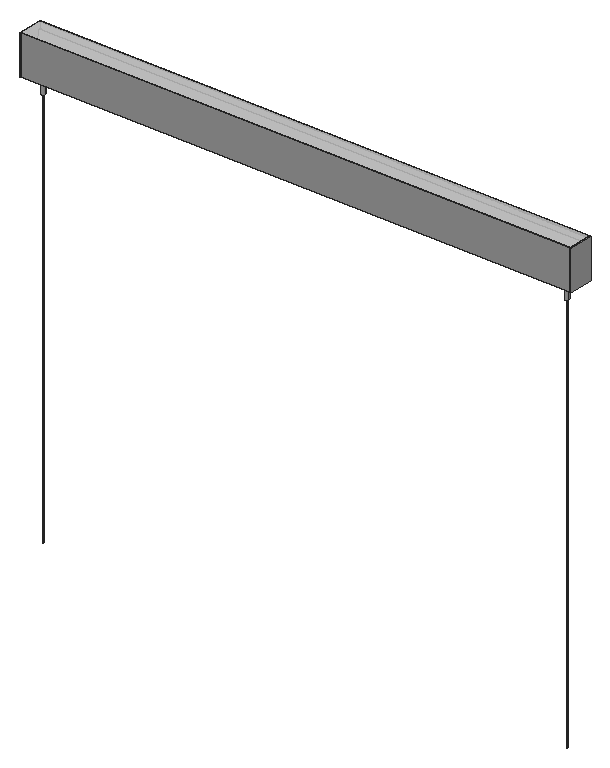
Revit family "2093102 Sylvania Lighting Fixture MC2-KIT D I 1-2M 4K DALIEM WHT PRIS", category Lighting Fixtures, host Face, Revit 2016
Family settings
  Host = Face
  Part Type = Normal
  Round Connector Dimension = Use Diameter
  OmniClass Number = 23.80.70.11.17
  OmniClass Title = Specialized Lighting by Location or Use
  Cut with Voids When Loaded = No
  Light Source = Yes
  Shared = No
  Room Calculation Point = No
Parameters (values of type "2093102 MC2-KIT D/I 1.2M 4K DALIEM WHT PRIS Emergency mode")
  Width_SYL = 54.0 mm
  Weight = "3.8 kg"
  Wattage = 35 W
  WarrantyStartDate [instance] = "n/a"
  WarrantyGuarantorParts = "n/a"
  WarrantyDurationUnit = "n/a"
  WarrantyDurationParts = "n/a"
  WarrantyDescription = "n/a"
  built-in parameter 1150110 = 1 (stored number, unit not read)
  Voltage = 0 V
  URL = "http://www.sylvania-lighting.com"
  TypeName = "MC2-KIT D/I 1.2M 4K DALIEM WHT PRIS Emergency mode"
  built-in parameter 1114217 = 1 (stored number, unit not read)
  Tilt Angle = -90.00°
  built-in parameter 1150109 = 1 (stored number, unit not read)
  built-in parameter 1150134 = 12
  built-in parameter 1150113 = 1 (stored number, unit not read)
  SerialNumber [instance] = "n/a"
  PowerFactor = 0.95
  PowerConsumption = "35 W"
  NominalWidth = 0.0 mm
  NominalLength = 1200.0 mm
  NominalHeight = 86.0 mm
  Name = "MC2-KIT D/I 1.2M 4K DALIEM WHT PRIS Emergency mode"
  ModelReference = "MC2-KIT D/I 1.2M 4K DALIEM WHT PRIS"
  ModelNumber = "2093102"
  Material_3_SYL = Metal_Sylvania_Mini Contiuum II_Silver
  Photometric Web File = "2093102EM.ies"
  Material_4_SYL = Metal_Sylvania_Mini Contiuum II_Silver
  MountingHeight_SYL [instance] = 1000.0 mm
  Material = "aluminium housing, polycarbonate diffuser"
  ManufacturerName = "Feilo Sylvania"
  LuminousEfficacy = "3.457 lm/W"
  LuminaireType = ""
  LightOutputRatio = "100"
  Length_SYL = 1200.0 mm
  LampsType = Lamp  # "LED"
  LampNominalLuminous = "121 lm"
  LampMacAdamStep = "3"
  LampColourTemperature = "4000 K"
  LampColourRenderingIndex = "80"
  Keynote = "16500"
  InstallationDate [instance] = "n/a"
  InputVoltage = "n/a"
  InputNominalFrequency = "n/a"
  IngressProtection = "IP20"
  ImpactProtectionIndex = "n/a"
  IfcExportType = "IfcLightFixtureType"
  IfcExportAs = "IfcLightFixtureType"
  Height_SYL = 86.0 mm
  ExpectedLife = 50000
  EndCapRight_SYL = yes
  EndCapLeft_SYL = yes
  Emit from Rectangle Width = Width_SYL - 2.0 mm  # 52.0 mm
  Emit from Rectangle Length = Length_SYL  # 1200.0 mm
  Emit Shape Visible in Rendering = no
  ElectricShockClassification = "Class I"
  DurationUnit = "hours"
  DocumentationLiterature = "http://www.sylvania-lighting.com/product/en-int/products/2093102"
  DimmingControlOptions = "n/a"
  CreatedOn = "10/15/2018"
  CreatedBy = "@sylvania-lighting.com"
  built-in parameter 1114216 [instance] = 1 (stored number, unit not read)
  Model = "MC2-KIT D/I 1.2M 4K DALIEM WHT PRIS"
  Manufacturer = "Feilo Sylvania"
  built-in parameter 1150105 = 9.6289 (stored number, unit not read)
  Lumens = 121 lm
  built-in parameter 1150115 = 1 (stored number, unit not read)
  built-in parameter 1150137 = (empty or 0)
  built-in parameter 1150139 = (empty or 0)
  built-in parameter 1150112 = 1 (stored number, unit not read)
  built-in parameter 1150114 = 1 (stored number, unit not read)
  Lamp = "LED"
  built-in parameter 1150132 = 2
  built-in parameter 1150102 = (empty or 0)
  built-in parameter 1150107 = 4000 (stored number, unit not read)
  built-in parameter 1150138 = (empty or 0)
  built-in parameter 1150106 = 0.096289 (stored number, unit not read)
  Material_1_SYL = Metal_Sylvania_Mini Continuum II_White
  built-in parameter 1150104 = 0.32118 (stored number, unit not read)
  Dimming Lamp Color Temperature Shift = <None>
  Material_2_SYL = Polycarbonate_Sylvania_Mini Continuum II_Opal_4000K
  Description = "2093102   MC2-KIT D/I 1.2M 4K DALIEM WHT PRIS  Continuous lines of LED light, white RAL 9016, direct/indirect distribution (65/35), suspended kit version is pre-wired and supplied complete with end caps and suspension cables, compact and minimalist design based on the Golden Mean, ideal for offices, meeting rooms, corridors, education facilities, museums and libraries, extruded aluminium body, diffuser: micro prismatic, colour temperature: 4000K neutral white, total system power: 35W, total fixture output: 3696lm, luminaire efficacy: 106lm/W, LOR: 100%, colour rendering: Ra >80, LED Chromacity: 1 step MacAdam ellipse, lifetime: 60,000 hours at 90% of the original output (L90), energy class: A++, A+, A, IR/UV free light source without heat radiation, operating voltage: 220-240V / 50-60Hz, drive current: (Direct) 800mA + (Indirect) 350mA, electronic driver, DALI dimmable, direct/indirect independently addressable, integral emergency: 3 hour maintained, electrical protection: CLASS I, IP20, suitable for internal environment only."
  Default Elevation = 0.0 mm
  Color Filter = 16777215
  built-in parameter 1140040 [instance] = 1
  BarCode [instance] = "n/a"
  built-in parameter 1114218 = 1 (stored number, unit not read)
  built-in parameter 1150133 = 10 (stored number, unit not read)
  AssetType = "Fixed"
  AssetIdentifier [instance] = "n/a"
  Assembly Code = "D5020200"
  Apparent Load = 35 VA
Types (2, lengths in mm): name | TypeName | Name | Photometric Web File | LuminousEfficacy | LampNominalLuminous | built-in parameter 1150105 | Lumens | built-in parameter 1150106 | built-in parameter 1150104
  2093102 MC2-KIT D/I 1.2M 4K DALIEM WHT PRIS Emergency mode | "MC2-KIT D/I 1.2M 4K DALIEM WHT PRIS Emergency mode" | "MC2-KIT D/I 1.2M 4K DALIEM WHT PRIS Emergency mode" | "2093102EM.ies" | "3.457 lm/W" | "121 lm" | 9.6289 (stored number, unit not read) | 121 lm | 0.096289 (stored number, unit not read) | 0.32118 (stored number, unit not read)
  2093102 MC2-KIT D/I 1.2M 4K DALIEM WHT PRIS | "MC2-KIT D/I 1.2M 4K DALIEM WHT PRIS" | "MC2-KIT D/I 1.2M 4K DALIEM WHT PRIS" | "2093102.ies" | "111 lm/W" | "3888 lm" | 309.16 (stored number, unit not read) | 3885 lm | 3.0916 (stored number, unit not read) | 10.312 (stored number, unit not read)
Reference planes
  plane 1 "Center (Front/Back)": y = 0
  plane 2 "Bottom Fixtures": z = 0
  plane 3 "Center (Left/Right)": x = 0
  plane 4 "Fixture Left": x = -600
  plane 5 "Fixture Right": x = 600
  plane 6 "Fixture Bottom": z = 1000
  plane 7: z = 998
  plane 8: z = 996
  plane 9: z = 986.951
  plane 10: z = 956.951
  plane 11 "Fixture Top": z = 914
  plane 12 "Mounting Right": x = 572
  plane 13 "Mounting Left": x = -572
  plane 14: z = 879
  plane 15: y = 27
  plane 16: y = -27
  plane 17: y = -26
  plane 18: y = -25
  plane 19: y = 26
  plane 20: y = 25
  plane 21: y = 11
  plane 22: y = -11
  plane 23: y = 24
  plane 24: y = 22
  plane 25: y = -22
  plane 26: y = 15
  plane 27: y = -15
  plane 28 "Upper Diffuser Left": x = -450
  plane 29 "Upper Diffuser Right": x = 450
  plane 30: x = -602
  plane 31: x = 602
Forms (mm)
  Extrusion 1, solid, material "Metal_Sylvania_Mini Continuum II_White" <- "Material_1_SYL", detail levels fine
    sketch origin (0, 0, 520) x (0, 1, 0) y (0, 0, 1)
      loop
        line (27, 480) -> (26, 480) -> (26, 478) -> (25, 478) -> (25, 396) -> (13, 396) -> (13, 398) -> (-13, 398) -> (-13, 396) -> (-25, 396) -> (-25, 478) -> (-26, 478) -> (-26, 480) -> (-27, 480) -> (-27, 394) -> (-11, 394) -> (-11, 396) -> (11, 396) -> (11, 394) -> (27, 394) -> (27, 480)
    from -600 to 600
  Extrusion 2, solid, material "Polycarbonate_Sylvania_Mini Continuum II_Opal_4000K" <- "Material_2_SYL", detail levels fine
    sketch origin (0, 0, 520) x (0, 1, 0) y (0, 0, 1)
      loop
        line (-26, 480) -> (-26, 478) -> (26, 478) -> (26, 480) -> (-26, 480)
    from -600 to 600
  Extrusion 3, solid, material "Metal_Sylvania_Mini Contiuum II_Silver" <- "Material_3_SYL", detail levels fine
    sketch origin (0, 0, 520) x (0, 1, 0) y (0, 0, 1)
      loop
        line (22, 466.951) -> (20.973, 466.951) -> (14.206, 437.951) -> (11, 437.951) -> (11, 436.951) -> (15, 436.951) -> (22, 466.951)
      loop
        line (-15, 436.951) -> (-11, 436.951) -> (-11, 437.951) -> (-14.206, 437.951) -> (-20.973, 466.951) -> (-22, 466.951) -> (-15, 436.951)
    from -600 to 600
  Extrusion 4, solid, material "Metal_Sylvania_Mini Continuum II_White" <- "Material_1_SYL", detail levels coarse+medium
    sketch origin (0, 0, 520) x (0, 1, 0) y (0, 0, 1)
      loop
        line (-27, 480) -> (-27, 394) -> (27, 394) -> (27, 480) -> (-27, 480)
    from -600 to 600
  Extrusion 5, solid, material "Metal_Sylvania_Mini Contiuum II_Silver" <- "Material_4_SYL", detail levels fine
    sketch origin (0, 0, -86) x (-1, 0, 0) y (0, -1, 0)
      loop
        circle (572, 0) r 4
      loop
        circle (-572, 0) r 4
    from 965 to 1002
  Extrusion 6, solid, material "Metal_Sylvania_Mini Contiuum II_Silver" <- "Material_4_SYL", detail levels fine
    sketch origin (0, 0, -86) x (-1, 0, 0) y (0, -1, 0)
      loop
        circle (-572, 0) r 1
      loop
        circle (572, 0) r 1
    from 86 to 965
  Extrusion 7, solid, material "Polycarbonate_Sylvania_Mini Continuum II_Opal_4000K" <- "Material_2_SYL", detail levels fine
    sketch origin (0, 0, 0) x (0, 1, 0) y (0, 0, 1)
      loop
        arc (11, 916) -> (5.59, 914.504) -> (0, 914) r 31.25
        arc (0, 914) -> (-5.59, 914.504) -> (-11, 916) r 31.25
        line (-11, 916) -> (-11, 914.934)
        arc (-11, 914.934) -> (-5.584, 913.487) -> (0, 913) r 32.25
        arc (0, 913) -> (5.584, 913.487) -> (11, 914.934) r 32.25
        line (11, 914.934) -> (11, 916)
    from -450 to 450
  Extrusion 8, void
    sketch origin (0, 0, 0) x (0, 1, 0) y (0, 0, 1)
      loop
        line (11, 918) -> (-11, 918) -> (-11, 916) -> (11, 916) -> (11, 918)
    from -450 to 450
  Extrusion 9, solid, material "Metal_Sylvania_Mini Continuum II_White" <- "Material_1_SYL", visible <- "EndCapLeft_SYL"
    sketch origin (-600, 171.684, 1219.2) x (0, 1, 0) y (0, 0, 1)
      loop
        line (-198.684, -305.2) -> (-144.684, -305.2) -> (-144.684, -219.2) -> (-198.684, -219.2) -> (-198.684, -305.2)
    from 0 to -2
  Extrusion 10, solid, material "Metal_Sylvania_Mini Continuum II_White" <- "Material_1_SYL", visible <- "EndCapRight_SYL"
    sketch origin (600, 171.684, 1219.2) x (0, 1, 0) y (0, 0, -1)
      loop
        line (-144.684, 219.2) -> (-144.684, 305.2) -> (-198.684, 305.2) -> (-198.684, 219.2) -> (-144.684, 219.2)
    from 0 to -2
Cuts and joins
  Extrusion 8 cuts Extrusion 1
Lines and regions (mm)
  Masking region 1
    outline origin (0, 0, -86) x (-1, 0, 0) y (0, -1, 0)
      loop
        line (600, -27) -> (600, 27) -> (-600, 27) -> (-600, -27) -> (600, -27)
  symbolic lines, detail levels fine
    curve 1: line (-600, 26, -86) -> (600, 26, -86)
    curve 2: line (-600, -26, -86) -> (600, -26, -86)
  model lines, detail levels coarse+medium
    curve 3: line (-572, 0, 914) -> (-572, 0, 0)
    curve 4: line (572, 0, 914) -> (572, 0, 0)
Dimensions and locks
  host sketch curve to plane 3 "Center (Left/Right)" to host sketch curve = 820.0 mm, 775.047 mm
  equal spacing: plane 4 "Fixture Left", plane 3 "Center (Left/Right)", plane 5 "Fixture Right"
  "Length_SYL": plane 4 "Fixture Left" to plane 5 "Fixture Right"
  plane 6 "Fixture Bottom" to plane 7 to plane 8 to plane 9 to plane 10 = 2.0 mm locked, 2.0 mm locked, 9.049 mm locked, 30.0 mm locked
  locked: Extrusion 1 sketch curve to Extrusion 1 sketch curve at 2
  locked: Extrusion 1 sketch curve to plane 11 "Fixture Top" at 2
  "Height_SYL": plane 6 "Fixture Bottom" to plane 11 "Fixture Top"
  locked: plane 12 "Mounting Right" to plane 5 "Fixture Right" at 28
  locked: plane 4 "Fixture Left" to plane 13 "Mounting Left" at 28
  locked: plane 11 "Fixture Top" to plane 14 at 35
  "MountingHeight_SYL": plane 6 "Fixture Bottom" to plane 2 "Bottom Fixtures"
  equal spacing: plane 15, plane 1 "Center (Front/Back)", plane 16
  "Width_SYL": plane 15 to plane 16
  plane 22 to plane 27 to plane 25 to plane 18 to plane 17 to plane 16 = 4.0 mm locked, 7.0 mm locked, 3.0 mm locked, 1.0 mm locked, 1.0 mm locked
  plane 15 to plane 19 to plane 20 to plane 23 to plane 24 to plane 26 to plane 21 = 1.0 mm locked, 1.0 mm locked, 1.0 mm locked, 2.0 mm locked, 7.0 mm locked, 4.0 mm locked
  locked: plane 4 "Fixture Left" to plane 28 "Upper Diffuser Left" at 150
  locked: plane 29 "Upper Diffuser Right" to plane 5 "Fixture Right" at 150
  equal spacing: plane 30, plane 3 "Center (Left/Right)", plane 31
  locked: plane 30 to plane 4 "Fixture Left" at 2
  aligned and locked: plane 2 "Bottom Fixtures" to host face
  aligned and locked: level to host face
  aligned and locked: plane 5 "Fixture Right" to curve 1
  aligned and locked: plane 4 "Fixture Left" to curve 1
  aligned and locked: plane 4 "Fixture Left" to curve 2
  aligned and locked: plane 5 "Fixture Right" to curve 2
  aligned and locked: Extrusion 1 sketch curve to plane 7
  aligned and locked: plane 6 "Fixture Bottom" to Extrusion 1 sketch curve  (x2)
  aligned and locked: plane 7 to Extrusion 1 sketch curve
  aligned and locked: Extrusion 1 to Extrusion 2 sketch curve
  aligned and locked: Extrusion 2 sketch curve to Extrusion 1  (x3)
  aligned and locked: Extrusion 3 sketch curve to plane 10
  aligned and locked: plane 9 to Extrusion 3 sketch curve
  aligned and locked: Extrusion 3 sketch curve to plane 9
  aligned and locked: Extrusion 4 sketch curve to plane 6 "Fixture Bottom"
  aligned and locked: Extrusion 4 to plane 4 "Fixture Left"
  aligned and locked: Extrusion 2 to plane 4 "Fixture Left"
  aligned and locked: Extrusion 3 to plane 4 "Fixture Left"
  aligned and locked: Extrusion 1 to plane 4 "Fixture Left"
  aligned and locked: Extrusion 4 to plane 5 "Fixture Right"
  aligned and locked: Extrusion 2 to plane 5 "Fixture Right"
  aligned and locked: Extrusion 3 to plane 5 "Fixture Right"
  aligned and locked: Extrusion 1 to plane 5 "Fixture Right"
  aligned and locked: plane 11 "Fixture Top" to Extrusion 4 sketch curve
  aligned and locked: Extrusion 1 sketch curve to plane 11 "Fixture Top"  (x2)
  aligned and locked: Extrusion 1 sketch curve to Extrusion 1 sketch curve
  aligned and locked: plane 6 "Fixture Bottom" to imposter light
  aligned and locked: plane 11 "Fixture Top" to curve 3
  aligned and locked: plane 2 "Bottom Fixtures" to curve 3
  aligned and locked: plane 11 "Fixture Top" to curve 4
  aligned and locked: plane 2 "Bottom Fixtures" to curve 4
  aligned and locked: curve 4 to plane 12 "Mounting Right"
  aligned and locked: curve 3 to plane 13 "Mounting Left"
  aligned and locked: Extrusion 5 to Extrusion 1
  aligned and locked: Extrusion 5 to plane 14
  aligned and locked: plane 14 to Extrusion 6
  aligned and locked: Extrusion 6 to level
  aligned and locked: plane 11 "Fixture Top" to Extrusion 7 sketch curve
  aligned and locked: Extrusion 7 to plane 28 "Upper Diffuser Left"
  aligned and locked: Extrusion 7 to plane 29 "Upper Diffuser Right"
  aligned and locked: plane 21 to Extrusion 3 sketch curve
  aligned and locked: Extrusion 3 sketch curve to plane 22
  aligned and locked: Extrusion 8 sketch curve to plane 21
  aligned and locked: Extrusion 8 sketch curve to plane 22
  aligned and locked: Extrusion 8 sketch curve to Extrusion 1  (x2)
  aligned and locked: Extrusion 8 to Extrusion 7  (x2)
  aligned and locked: plane 21 to Extrusion 7 sketch curve
  aligned and locked: plane 1 "Center (Front/Back)" to Extrusion 7 sketch curve
  aligned and locked: plane 22 to Extrusion 7 sketch curve
  aligned and locked: Extrusion 9 sketch curve to Extrusion 4  (x4)
  aligned and locked: Extrusion 9 to plane 30
  aligned and locked: plane 4 "Fixture Left" to Extrusion 9
  aligned and locked: Extrusion 10 sketch curve to Extrusion 4  (x4)
  aligned and locked: plane 31 to Extrusion 10
  aligned and locked: plane 5 "Fixture Right" to Extrusion 10
Automatic sketch dimensions
  host sketch curve to host sketch curve = 1047.463 mm
  plane 19 to curve 1 = 0.0 mm
  curve 2 to plane 17 = 0.0 mm
  Masking region 1 sketch curve to plane 5 "Fixture Right" = 0.0 mm
  Masking region 1 sketch curve to plane 4 "Fixture Left" = 0.0 mm
  plane 15 to Masking region 1 sketch curve = 0.0 mm
  Masking region 1 sketch curve to plane 16 = 0.0 mm
  Extrusion 1 sketch curve to plane 16 = 0.0 mm
  Extrusion 1 sketch curve to plane 17 = 0.0 mm
  Extrusion 1 sketch curve to plane 18 = 0.0 mm
  Extrusion 1 sketch curve to plane 22 = 0.0 mm
  Extrusion 1 sketch curve to plane 21 = 0.0 mm
  Extrusion 1 sketch curve to plane 20 = 0.0 mm
  Extrusion 1 sketch curve to plane 19 = 0.0 mm
  Extrusion 1 sketch curve to plane 15 = 0.0 mm
  plane 11 "Fixture Top" to Extrusion 1 sketch curve = 2.0 mm
  Extrusion 1 sketch curve to plane 22 = 2.0 mm
  Extrusion 1 sketch curve to plane 21 = 2.0 mm
  Extrusion 3 sketch curve to plane 25 = 0.0 mm
  Extrusion 3 sketch curve to plane 27 = 0.0 mm
  Extrusion 3 sketch curve to plane 26 = 0.0 mm
  Extrusion 3 sketch curve to plane 24 = 0.0 mm
  plane 10 to Extrusion 3 sketch curve = 1.0 mm
  Extrusion 3 sketch curve to Extrusion 3 sketch curve = 1.027 mm
  plane 27 to Extrusion 3 sketch curve = 0.794 mm
  plane 26 to Extrusion 3 sketch curve = 0.794 mm
  plane 24 to Extrusion 3 sketch curve = 1.027 mm
  Extrusion 4 sketch curve to plane 16 = 0.0 mm
  Extrusion 4 sketch curve to plane 15 = 0.0 mm
  plane 1 "Center (Front/Back)" to Extrusion 5 sketch curve = 0.0 mm  (x2)
  Extrusion 5 sketch curve to plane 12 "Mounting Right" = 0.0 mm
  Extrusion 5 sketch curve to plane 13 "Mounting Left" = 0.0 mm
  plane 1 "Center (Front/Back)" to Extrusion 6 sketch curve = 0.0 mm  (x2)
  Extrusion 6 sketch curve to plane 12 "Mounting Right" = 0.0 mm
  Extrusion 6 sketch curve to plane 13 "Mounting Left" = 0.0 mm
  Extrusion 7 sketch curve to Extrusion 7 sketch curve = 0.0 mm  (x4)
  plane 11 "Fixture Top" to Extrusion 7 sketch curve = 0.934 mm
  Extrusion 3 sketch curve to Extrusion 3 sketch curve = 0.0 mm
  Extrusion 3 sketch curve to plane 10 = 0.0 mm
  plane 11 "Fixture Top" to Extrusion 7 sketch curve = 2.0 mm
  radius of Extrusion 5 sketch curve = 4.0 mm  (x2)
  radius of Extrusion 6 sketch curve = 1.0 mm  (x2)
Connectors
  electrical at (600, 0, 949), driven by "Apparent Load"
    settings: on Extrusion 1, index 1, voltage 230 V, apparent load 0 VA, apparent load phase1 35 VA, apparent load phase2 0 VA, apparent load phase3 0 VA, power factor 1, load classification "Lighting", number of poles 1, system type 31, power factor state 1, is connector primary yes, connector utility no, sub classification motor no, connector description ""
